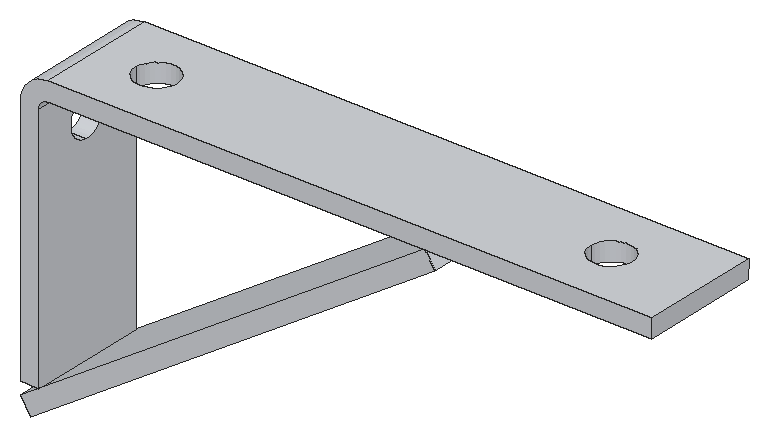
Revit family "Bracket-Unistrut-P1769", category Specialty Equipment, Revit 2012
Parameters (values of type "P1769")
  ecoScorecard_data = "http://products.ecoscorecard.com/atkore/P1769"
  ecoScorecard Product Page = "http://products.ecoscorecard.com/atkore/P1769?action=html"
  Weight Per Piece = 1.74 lbf
  Unit = none
  Unistrut Part Number = "P1769"  # constant formula
  URL = "http://unistrut.us/index.php"
  Thickness = 1/4"
  Subcategory = "Brackets"
  Product Page URL = "http://unistrut.us/index.php?WP=cat_detail&S=S05&P=P1769"
  Power Strut Part Number = "PS 732 8In"  # constant formula
  Part Type = "Bracket"  # constant formula
  Overall Width = 1 5/8"
  Overall Length = 4.12581"
  Overall Height = 3 3/4"
  Model = "P1769"
  Material = ""
  Manufacturer Phone - Toll Free = "800-882-5543"  # constant formula
  Manufacturer Phone = "708-339-1610"  # constant formula
  Manufacturer Fax = "708-339-7814"  # constant formula
  Manufacturer Email = "mailto:jshaw@atkore.com"
  Manufacturer Address = "16100 South Lathrop Avenue, Harvey, IL 60426"  # constant formula
  Manufacturer = "Unistrut by Atkore International"  # constant formula
  Load Capacity Note = "Visit the product page for load application and capacity."  # constant formula
  Literature URL = "http://unistrut.us/index.php?WP=LItLibrary"
  Hole Diameter = 9/16"
  Default Elevation = 0"
  Cost Info = "mailto:jshaw@atkore.com"
  Category = "Specialty Equipment"  # constant formula
  CAD URL = "http://unistrut.us/index.php?WP=CAD3d"
  Assembly Code = "D5020100"
  95 CSI = "16070"  # constant formula
  04 CSI = "26 05 48"  # constant formula
Reference planes (in)
  plane 1 "Center (Front/Back)": y = 0
  plane 2: z = 0
  plane 3 "Center (Left/Right)": x = 0
  plane 4: z = 4.12581
  plane 5: x = -3.51483
  plane 6: y = 0.8125
  plane 7: y = -0.8125
  plane 8: x = 2.1879
  plane 9: z = 7.31284
  plane 10: x = -1.12689
  plane 11: z = 1.18784
Dimensions and locks (in)
  "Overall Length": plane 4 to level
  equal spacing: plane 6, plane 1 "Center (Front/Back)", plane 7
  "Overall Width": plane 6 to plane 7
  aligned and locked: level to plane 2
  aligned and locked: plane 1 "Center (Front/Back)" to nested 1
  aligned and locked: plane 5 to nested 1
  aligned and locked: plane 4 to nested 1
Nested families (in)
  nested 1: "Bracket" at (-3.375, 0, 0), type "Bracket"
Definition of nested family "Bracket"
  Parameters (values of type "Bracket")
    ecoScorecard_data = "http://products.ecoscorecard.com/atkore/P2094"
    ecoScorecard Product Page = "http://products.ecoscorecard.com/atkore/P2094?action=html"
    Unit = none
    URL = "http://unistrut.us/index.php"
    Thickness = 1/4"
    Overall Width = 1 5/8"
    Overall Length = 4.12581"
    Overall Height = 3 5/8"
    Model = "P2270"
    Material = ""
    Manufacturer = "Unistrut by Atkore International"  # constant formula
    Load Capacity Note = "Visit the product page for load application and capacity."  # constant formula
    Literature URL = "http://unistrut.us/index.php?WP=LItLibrary"
    Hole Diameter = 9/16"
    Default Elevation = 48"
    CAD URL = "http://unistrut.us/index.php?WP=CAD3d"
    Assembly Code = "D5020100"
    Angle = 85.50°
  Reference planes (in)
    plane 1 "Center (Front/Back)": y = 0
    plane 2: z = 0
    plane 3 "Center (Left/Right)": x = 0
    plane 4: x = 1.81198
    plane 5: x = -1.93802
    plane 6: z = 8.49976
  Forms (in)
    Extrusion 1, solid
      sketch origin (-0.13983, 0, 2.1879) x (0, 0, -1) y (1, 0, 0)
        loop
          line (-1.93791, 8.49976) -> (-1.93791, 0.37239)
          arc (-1.93791, 0.37239) -> (-1.82884, 0.10907) -> (-1.56552, 0) r 0.37239
          line (-1.56552, 0) -> (1.81198, 0) -> (1.81198, 0.24999) -> (-1.56338, 0.24999)
          arc (-1.56338, 0.24999) -> (-1.65144, 0.28646) -> (-1.68792, 0.37453) r 0.12454
          line (-1.68792, 0.37453) -> (-1.68792, 8.49976) -> (-1.93791, 8.49976)
      from -0.8125 to 0.8125
    Extrusion 2, solid
      sketch origin (-0.13983, 0, 2.1879) x (0, 0, -1) y (1, 0, 0)
        loop
          line (-1.68923, 5.43845) -> (1.9807, 0) -> (2.1879, 0.13983) -> (-1.48201, 5.57828) -> (-1.68923, 5.43845)
      from -0.8125 to 0.8125
    Extrusion 3, void
      sketch origin (0.23515, 0, 3.87582) x (0, -1, 0) y (-1, 0, 0)
        loop
          circle (0.00238, -6.93786) r 0.28215
        loop
          circle (0.00238, -0.81286) r 0.28215
      from -1.07663 to 1.85163
    Extrusion 4, void
      sketch origin (-0.13983, 0, 2.1879) x (0, 0, -1) y (0, 1, 0)
        loop
          circle (-1.12689, 0) r 0.28227
      from -0.96584 to 0.9548
  Cuts and joins
    Extrusion 3, Extrusion 4 cuts Extrusion 1
  Dimensions and locks (in)
    plane 5 to plane 4 = 3 3/4"
    plane 6 to level = 8.49976"
    aligned and locked: level to plane 2
